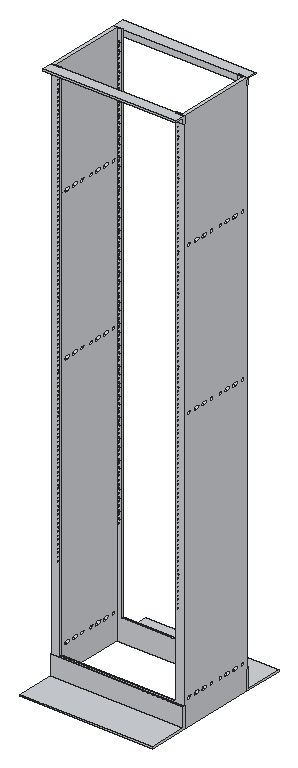
Revit family
Parameters
  Material ID = "760090159"
  Description = "12 IN (305 MM) CHANNEL x 7 FT (2135 MM) H - 19 IN (482.6 MM) STEEL EQUIPMENT RACK (45U) 3/8 SQ PUNCH, BLACK"
Reference planes (in)
  plane 1 "Center (Front/Back)": y = 0
  plane 2: z = 0
  plane 3 "Center (Left/Right)": x = 0
Forms (in)
  Extrusion 1, solid, not visible
    sketch origin (0, -14.305, 0) x (1, 0, 0) y (0, 0, 1)
      loop
        line (-8.5516, 0.86) -> (-8.5516, 0.46) -> (-7.9516, 0.46) -> (-7.9516, 0.86) -> (-8.5516, 0.86)
    from 0 to 0.77696
  Extrusion 2, solid
    sketch origin (0, 0, 0) x (1, 0, 0) y (0, 0, 1)
      loop
        line (-10.155, 30) -> (-10.155, -54) -> (10.155, -54) -> (10.155, 30) -> (0, 30) -> (-10.155, 30)
    from 0 to 36
  Extrusion 3, void
    sketch origin (0, 0, 0) x (1, 0, 0) y (0, 0, 1)
      loop
        line (-8.905, 40.855) -> (-8.905, -50.62) -> (8.905, -50.62) -> (8.905, 40.855) -> (-8.905, 40.855)
    from 0 to 36
  Extrusion 4, void
    sketch origin (0, 0, 0) x (0, 1, 0) y (0, 0, 1)
      loop
        line (-12, 44.92) -> (-38, 44.92) -> (-38, -58.24657) -> (-12, -58.24657) -> (-12, 44.92)
    from -31.70377 to 25
  Extrusion 5, void
    sketch origin (0, 0, 0) x (0, 1, 0) y (0, 0, 1)
      loop
        line (-0.2, 59.72052) -> (-11.8, 59.72052) -> (-11.8, -66.46573) -> (-0.2, -66.46573) -> (-0.2, 59.72052)
    from -9.61605 to 9.71756
  Extrusion 6, solid
    sketch origin (0, 0, -24) x (0, 1, 0) y (0, 0, 1)
      loop
        line (-12, -30) -> (-12, -26.8) -> (-12.2, -26.8) -> (-12.2, -29.8) -> (-18, -29.8) -> (-18, -30) -> (-12, -30)
      loop
        line (-12, 54) -> (-13.575, 54) -> (-13.575, 53.8) -> (-12.2, 53.8) -> (-12.2, 52.94396) -> (-12, 52.94396) -> (-12, 54)
      loop
        line (0, 54) -> (0, 52.94396) -> (0.2, 52.94396) -> (0.2, 53.8) -> (1.575, 53.8) -> (1.575, 54) -> (0, 54)
      loop
        line (0, -30) -> (6, -30) -> (6, -29.8) -> (0.2, -29.8) -> (0.2, -26.8) -> (0, -26.8) -> (0, -30)
    from -10.155 to 10.155
  Extrusion 7, void
    sketch origin (0, 0, 0) x (0, 1, 0) y (0, 0, 1)
      loop
        circle (-6.8705, -50) r 0.335
      loop
        arc (-7.9429, -50.335) -> (-7.6079, -50) -> (-7.9429, -49.665) r 0.335
        line (-7.9429, -49.665) -> (-8.4429, -49.665)
        arc (-8.4429, -49.665) -> (-8.7779, -50) -> (-8.4429, -50.335) r 0.335
        line (-8.4429, -50.335) -> (-7.9429, -50.335)
      loop
        arc (-9.4429, -50.335) -> (-9.1079, -50) -> (-9.4429, -49.665) r 0.335
        line (-9.4429, -49.665) -> (-9.9429, -49.665)
        arc (-9.9429, -49.665) -> (-10.2779, -50) -> (-9.9429, -50.335) r 0.335
        line (-9.9429, -50.335) -> (-9.4429, -50.335)
      loop
        circle (-11.13, -50) r 0.335
      loop
        circle (-5.1295, -50) r 0.335
      loop
        line (-4.0571, -50.335) -> (-3.5571, -50.335)
        arc (-3.5571, -50.335) -> (-3.2221, -50) -> (-3.5571, -49.665) r 0.335
        line (-3.5571, -49.665) -> (-4.0571, -49.665)
        arc (-4.0571, -49.665) -> (-4.3921, -50) -> (-4.0571, -50.335) r 0.335
      loop
        line (-2.5571, -50.335) -> (-2.0571, -50.335)
        arc (-2.0571, -50.335) -> (-1.7221, -50) -> (-2.0571, -49.665) r 0.335
        line (-2.0571, -49.665) -> (-2.5571, -49.665)
        arc (-2.5571, -49.665) -> (-2.8921, -50) -> (-2.5571, -50.335) r 0.335
      loop
        circle (-0.87, -50) r 0.335
      loop
        circle (-6.8705, -11) r 0.335
      loop
        arc (-7.9429, -11.335) -> (-7.6079, -11) -> (-7.9429, -10.665) r 0.335
        line (-7.9429, -10.665) -> (-8.4429, -10.665)
        arc (-8.4429, -10.665) -> (-8.7779, -11) -> (-8.4429, -11.335) r 0.335
        line (-8.4429, -11.335) -> (-7.9429, -11.335)
      loop
        arc (-9.4429, -11.335) -> (-9.1079, -11) -> (-9.4429, -10.665) r 0.335
        line (-9.4429, -10.665) -> (-9.9429, -10.665)
        arc (-9.9429, -10.665) -> (-10.2779, -11) -> (-9.9429, -11.335) r 0.335
        line (-9.9429, -11.335) -> (-9.4429, -11.335)
      loop
        circle (-11.13, -11) r 0.335
      loop
        circle (-5.1295, -11) r 0.335
      loop
        line (-4.0571, -11.335) -> (-3.5571, -11.335)
        arc (-3.5571, -11.335) -> (-3.2221, -11) -> (-3.5571, -10.665) r 0.335
        line (-3.5571, -10.665) -> (-4.0571, -10.665)
        arc (-4.0571, -10.665) -> (-4.3921, -11) -> (-4.0571, -11.335) r 0.335
      loop
        line (-2.5571, -11.335) -> (-2.0571, -11.335)
        arc (-2.0571, -11.335) -> (-1.7221, -11) -> (-2.0571, -10.665) r 0.335
        line (-2.0571, -10.665) -> (-2.5571, -10.665)
        arc (-2.5571, -10.665) -> (-2.8921, -11) -> (-2.5571, -11.335) r 0.335
      loop
        circle (-0.87, -11) r 0.335
      loop
        circle (-6.8705, 12) r 0.335
      loop
        arc (-7.9429, 11.665) -> (-7.6079, 12) -> (-7.9429, 12.335) r 0.335
        line (-7.9429, 12.335) -> (-8.4429, 12.335)
        arc (-8.4429, 12.335) -> (-8.7779, 12) -> (-8.4429, 11.665) r 0.335
        line (-8.4429, 11.665) -> (-7.9429, 11.665)
      loop
        arc (-9.4429, 11.665) -> (-9.1079, 12) -> (-9.4429, 12.335) r 0.335
        line (-9.4429, 12.335) -> (-9.9429, 12.335)
        arc (-9.9429, 12.335) -> (-10.2779, 12) -> (-9.9429, 11.665) r 0.335
        line (-9.9429, 11.665) -> (-9.4429, 11.665)
      loop
        circle (-11.13, 12) r 0.335
      loop
        circle (-5.1295, 12) r 0.335
      loop
        line (-4.0571, 11.665) -> (-3.5571, 11.665)
        arc (-3.5571, 11.665) -> (-3.2221, 12) -> (-3.5571, 12.335) r 0.335
        line (-3.5571, 12.335) -> (-4.0571, 12.335)
        arc (-4.0571, 12.335) -> (-4.3921, 12) -> (-4.0571, 11.665) r 0.335
      loop
        line (-2.5571, 11.665) -> (-2.0571, 11.665)
        arc (-2.0571, 11.665) -> (-1.7221, 12) -> (-2.0571, 12.335) r 0.335
        line (-2.0571, 12.335) -> (-2.5571, 12.335)
        arc (-2.5571, 12.335) -> (-2.8921, 12) -> (-2.5571, 11.665) r 0.335
      loop
        circle (-0.87, 12) r 0.335
    from -24.88707 to 25.18322
  Extrusion 8, void
    sketch origin (0, 0, -36.75) x (1, 0, 0) y (0, 0, 1)
      loop
        line (-9.175, 65.0575) -> (-9.264, 65.0575) -> (-9.264, 64.9685) -> (-9.264, 64.8795) -> (-9.175, 64.8795) -> (-9.086, 64.8795) -> (-9.086, 65.0575) -> (-9.175, 65.0575)
      loop
        line (-9.175, 64.4325) -> (-9.264, 64.4325) -> (-9.264, 64.3435) -> (-9.264, 64.2545) -> (-9.175, 64.2545) -> (-9.086, 64.2545) -> (-9.086, 64.4325) -> (-9.175, 64.4325)
      loop
        line (-9.175, 63.8075) -> (-9.264, 63.8075) -> (-9.264, 63.7185) -> (-9.264, 63.6295) -> (-9.175, 63.6295) -> (-9.086, 63.6295) -> (-9.086, 63.8075) -> (-9.175, 63.8075)
      loop
        line (9.175, 65.0575) -> (9.086, 65.0575) -> (9.086, 64.8795) -> (9.175, 64.8795) -> (9.264, 64.8795) -> (9.264, 64.9685) -> (9.264, 65.0575) -> (9.175, 65.0575)
      loop
        line (9.175, 64.4325) -> (9.086, 64.4325) -> (9.086, 64.2545) -> (9.175, 64.2545) -> (9.264, 64.2545) -> (9.264, 64.3435) -> (9.264, 64.4325) -> (9.175, 64.4325)
      loop
        line (9.175, 63.8075) -> (9.086, 63.8075) -> (9.086, 63.6295) -> (9.175, 63.6295) -> (9.264, 63.6295) -> (9.264, 63.7185) -> (9.264, 63.8075) -> (9.175, 63.8075)
    from 0 to 36
  Extrusion 9, void
    sketch origin (0, 0, -38.5) x (1, 0, 0) y (0, 0, 1)
      loop
        line (-9.175, 65.0575) -> (-9.264, 65.0575) -> (-9.264, 64.9685) -> (-9.264, 64.8795) -> (-9.175, 64.8795) -> (-9.086, 64.8795) -> (-9.086, 65.0575) -> (-9.175, 65.0575)
      loop
        line (-9.175, 64.4325) -> (-9.264, 64.4325) -> (-9.264, 64.3435) -> (-9.264, 64.2545) -> (-9.175, 64.2545) -> (-9.086, 64.2545) -> (-9.086, 64.4325) -> (-9.175, 64.4325)
      loop
        line (-9.175, 63.8075) -> (-9.264, 63.8075) -> (-9.264, 63.7185) -> (-9.264, 63.6295) -> (-9.175, 63.6295) -> (-9.086, 63.6295) -> (-9.086, 63.8075) -> (-9.175, 63.8075)
      loop
        line (9.175, 65.0575) -> (9.086, 65.0575) -> (9.086, 64.8795) -> (9.175, 64.8795) -> (9.264, 64.8795) -> (9.264, 64.9685) -> (9.264, 65.0575) -> (9.175, 65.0575)
      loop
        line (9.175, 64.4325) -> (9.086, 64.4325) -> (9.086, 64.2545) -> (9.175, 64.2545) -> (9.264, 64.2545) -> (9.264, 64.3435) -> (9.264, 64.4325) -> (9.175, 64.4325)
      loop
        line (9.175, 63.8075) -> (9.086, 63.8075) -> (9.086, 63.6295) -> (9.175, 63.6295) -> (9.264, 63.6295) -> (9.264, 63.7185) -> (9.264, 63.8075) -> (9.175, 63.8075)
    from 0 to 36
  Extrusion 10, void
    sketch origin (0, 0, -40.25) x (1, 0, 0) y (0, 0, 1)
      loop
        line (-9.175, 65.0575) -> (-9.264, 65.0575) -> (-9.264, 64.9685) -> (-9.264, 64.8795) -> (-9.175, 64.8795) -> (-9.086, 64.8795) -> (-9.086, 65.0575) -> (-9.175, 65.0575)
      loop
        line (-9.175, 64.4325) -> (-9.264, 64.4325) -> (-9.264, 64.3435) -> (-9.264, 64.2545) -> (-9.175, 64.2545) -> (-9.086, 64.2545) -> (-9.086, 64.4325) -> (-9.175, 64.4325)
      loop
        line (-9.175, 63.8075) -> (-9.264, 63.8075) -> (-9.264, 63.7185) -> (-9.264, 63.6295) -> (-9.175, 63.6295) -> (-9.086, 63.6295) -> (-9.086, 63.8075) -> (-9.175, 63.8075)
      loop
        line (9.175, 65.0575) -> (9.086, 65.0575) -> (9.086, 64.8795) -> (9.175, 64.8795) -> (9.264, 64.8795) -> (9.264, 64.9685) -> (9.264, 65.0575) -> (9.175, 65.0575)
      loop
        line (9.175, 64.4325) -> (9.086, 64.4325) -> (9.086, 64.2545) -> (9.175, 64.2545) -> (9.264, 64.2545) -> (9.264, 64.3435) -> (9.264, 64.4325) -> (9.175, 64.4325)
      loop
        line (9.175, 63.8075) -> (9.086, 63.8075) -> (9.086, 63.6295) -> (9.175, 63.6295) -> (9.264, 63.6295) -> (9.264, 63.7185) -> (9.264, 63.8075) -> (9.175, 63.8075)
    from 0 to 36
  Extrusion 11, void
    sketch origin (0, 0, -42) x (1, 0, 0) y (0, 0, 1)
      loop
        line (-9.175, 65.0575) -> (-9.264, 65.0575) -> (-9.264, 64.9685) -> (-9.264, 64.8795) -> (-9.175, 64.8795) -> (-9.086, 64.8795) -> (-9.086, 65.0575) -> (-9.175, 65.0575)
      loop
        line (-9.175, 64.4325) -> (-9.264, 64.4325) -> (-9.264, 64.3435) -> (-9.264, 64.2545) -> (-9.175, 64.2545) -> (-9.086, 64.2545) -> (-9.086, 64.4325) -> (-9.175, 64.4325)
      loop
        line (-9.175, 63.8075) -> (-9.264, 63.8075) -> (-9.264, 63.7185) -> (-9.264, 63.6295) -> (-9.175, 63.6295) -> (-9.086, 63.6295) -> (-9.086, 63.8075) -> (-9.175, 63.8075)
      loop
        line (9.175, 65.0575) -> (9.086, 65.0575) -> (9.086, 64.8795) -> (9.175, 64.8795) -> (9.264, 64.8795) -> (9.264, 64.9685) -> (9.264, 65.0575) -> (9.175, 65.0575)
      loop
        line (9.175, 64.4325) -> (9.086, 64.4325) -> (9.086, 64.2545) -> (9.175, 64.2545) -> (9.264, 64.2545) -> (9.264, 64.3435) -> (9.264, 64.4325) -> (9.175, 64.4325)
      loop
        line (9.175, 63.8075) -> (9.086, 63.8075) -> (9.086, 63.6295) -> (9.175, 63.6295) -> (9.264, 63.6295) -> (9.264, 63.7185) -> (9.264, 63.8075) -> (9.175, 63.8075)
    from 0 to 36
  Extrusion 12, void
    sketch origin (0, 0, -43.75) x (1, 0, 0) y (0, 0, 1)
      loop
        line (-9.175, 65.0575) -> (-9.264, 65.0575) -> (-9.264, 64.9685) -> (-9.264, 64.8795) -> (-9.175, 64.8795) -> (-9.086, 64.8795) -> (-9.086, 65.0575) -> (-9.175, 65.0575)
      loop
        line (-9.175, 64.4325) -> (-9.264, 64.4325) -> (-9.264, 64.3435) -> (-9.264, 64.2545) -> (-9.175, 64.2545) -> (-9.086, 64.2545) -> (-9.086, 64.4325) -> (-9.175, 64.4325)
      loop
        line (-9.175, 63.8075) -> (-9.264, 63.8075) -> (-9.264, 63.7185) -> (-9.264, 63.6295) -> (-9.175, 63.6295) -> (-9.086, 63.6295) -> (-9.086, 63.8075) -> (-9.175, 63.8075)
      loop
        line (9.175, 65.0575) -> (9.086, 65.0575) -> (9.086, 64.8795) -> (9.175, 64.8795) -> (9.264, 64.8795) -> (9.264, 64.9685) -> (9.264, 65.0575) -> (9.175, 65.0575)
      loop
        line (9.175, 64.4325) -> (9.086, 64.4325) -> (9.086, 64.2545) -> (9.175, 64.2545) -> (9.264, 64.2545) -> (9.264, 64.3435) -> (9.264, 64.4325) -> (9.175, 64.4325)
      loop
        line (9.175, 63.8075) -> (9.086, 63.8075) -> (9.086, 63.6295) -> (9.175, 63.6295) -> (9.264, 63.6295) -> (9.264, 63.7185) -> (9.264, 63.8075) -> (9.175, 63.8075)
    from 0 to 36
  Extrusion 13, void
    sketch origin (0, 0, -45.5) x (1, 0, 0) y (0, 0, 1)
      loop
        line (-9.175, 65.0575) -> (-9.264, 65.0575) -> (-9.264, 64.9685) -> (-9.264, 64.8795) -> (-9.175, 64.8795) -> (-9.086, 64.8795) -> (-9.086, 65.0575) -> (-9.175, 65.0575)
      loop
        line (-9.175, 64.4325) -> (-9.264, 64.4325) -> (-9.264, 64.3435) -> (-9.264, 64.2545) -> (-9.175, 64.2545) -> (-9.086, 64.2545) -> (-9.086, 64.4325) -> (-9.175, 64.4325)
      loop
        line (-9.175, 63.8075) -> (-9.264, 63.8075) -> (-9.264, 63.7185) -> (-9.264, 63.6295) -> (-9.175, 63.6295) -> (-9.086, 63.6295) -> (-9.086, 63.8075) -> (-9.175, 63.8075)
      loop
        line (9.175, 65.0575) -> (9.086, 65.0575) -> (9.086, 64.8795) -> (9.175, 64.8795) -> (9.264, 64.8795) -> (9.264, 64.9685) -> (9.264, 65.0575) -> (9.175, 65.0575)
      loop
        line (9.175, 64.4325) -> (9.086, 64.4325) -> (9.086, 64.2545) -> (9.175, 64.2545) -> (9.264, 64.2545) -> (9.264, 64.3435) -> (9.264, 64.4325) -> (9.175, 64.4325)
      loop
        line (9.175, 63.8075) -> (9.086, 63.8075) -> (9.086, 63.6295) -> (9.175, 63.6295) -> (9.264, 63.6295) -> (9.264, 63.7185) -> (9.264, 63.8075) -> (9.175, 63.8075)
    from 0 to 36
  Extrusion 14, void
    sketch origin (0, 0, -47.25) x (1, 0, 0) y (0, 0, 1)
      loop
        line (-9.175, 65.0575) -> (-9.264, 65.0575) -> (-9.264, 64.9685) -> (-9.264, 64.8795) -> (-9.175, 64.8795) -> (-9.086, 64.8795) -> (-9.086, 65.0575) -> (-9.175, 65.0575)
      loop
        line (-9.175, 64.4325) -> (-9.264, 64.4325) -> (-9.264, 64.3435) -> (-9.264, 64.2545) -> (-9.175, 64.2545) -> (-9.086, 64.2545) -> (-9.086, 64.4325) -> (-9.175, 64.4325)
      loop
        line (-9.175, 63.8075) -> (-9.264, 63.8075) -> (-9.264, 63.7185) -> (-9.264, 63.6295) -> (-9.175, 63.6295) -> (-9.086, 63.6295) -> (-9.086, 63.8075) -> (-9.175, 63.8075)
      loop
        line (9.175, 65.0575) -> (9.086, 65.0575) -> (9.086, 64.8795) -> (9.175, 64.8795) -> (9.264, 64.8795) -> (9.264, 64.9685) -> (9.264, 65.0575) -> (9.175, 65.0575)
      loop
        line (9.175, 64.4325) -> (9.086, 64.4325) -> (9.086, 64.2545) -> (9.175, 64.2545) -> (9.264, 64.2545) -> (9.264, 64.3435) -> (9.264, 64.4325) -> (9.175, 64.4325)
      loop
        line (9.175, 63.8075) -> (9.086, 63.8075) -> (9.086, 63.6295) -> (9.175, 63.6295) -> (9.264, 63.6295) -> (9.264, 63.7185) -> (9.264, 63.8075) -> (9.175, 63.8075)
    from 0 to 36
  Extrusion 15, void
    sketch origin (0, 0, -49) x (1, 0, 0) y (0, 0, 1)
      loop
        line (-9.175, 65.0575) -> (-9.264, 65.0575) -> (-9.264, 64.9685) -> (-9.264, 64.8795) -> (-9.175, 64.8795) -> (-9.086, 64.8795) -> (-9.086, 65.0575) -> (-9.175, 65.0575)
      loop
        line (-9.175, 64.4325) -> (-9.264, 64.4325) -> (-9.264, 64.3435) -> (-9.264, 64.2545) -> (-9.175, 64.2545) -> (-9.086, 64.2545) -> (-9.086, 64.4325) -> (-9.175, 64.4325)
      loop
        line (-9.175, 63.8075) -> (-9.264, 63.8075) -> (-9.264, 63.7185) -> (-9.264, 63.6295) -> (-9.175, 63.6295) -> (-9.086, 63.6295) -> (-9.086, 63.8075) -> (-9.175, 63.8075)
      loop
        line (9.175, 65.0575) -> (9.086, 65.0575) -> (9.086, 64.8795) -> (9.175, 64.8795) -> (9.264, 64.8795) -> (9.264, 64.9685) -> (9.264, 65.0575) -> (9.175, 65.0575)
      loop
        line (9.175, 64.4325) -> (9.086, 64.4325) -> (9.086, 64.2545) -> (9.175, 64.2545) -> (9.264, 64.2545) -> (9.264, 64.3435) -> (9.264, 64.4325) -> (9.175, 64.4325)
      loop
        line (9.175, 63.8075) -> (9.086, 63.8075) -> (9.086, 63.6295) -> (9.175, 63.6295) -> (9.264, 63.6295) -> (9.264, 63.7185) -> (9.264, 63.8075) -> (9.175, 63.8075)
    from 0 to 36
  Extrusion 16, void
    sketch origin (0, 0, -50.75) x (1, 0, 0) y (0, 0, 1)
      loop
        line (-9.175, 65.0575) -> (-9.264, 65.0575) -> (-9.264, 64.9685) -> (-9.264, 64.8795) -> (-9.175, 64.8795) -> (-9.086, 64.8795) -> (-9.086, 65.0575) -> (-9.175, 65.0575)
      loop
        line (-9.175, 64.4325) -> (-9.264, 64.4325) -> (-9.264, 64.3435) -> (-9.264, 64.2545) -> (-9.175, 64.2545) -> (-9.086, 64.2545) -> (-9.086, 64.4325) -> (-9.175, 64.4325)
      loop
        line (-9.175, 63.8075) -> (-9.264, 63.8075) -> (-9.264, 63.7185) -> (-9.264, 63.6295) -> (-9.175, 63.6295) -> (-9.086, 63.6295) -> (-9.086, 63.8075) -> (-9.175, 63.8075)
      loop
        line (9.175, 65.0575) -> (9.086, 65.0575) -> (9.086, 64.8795) -> (9.175, 64.8795) -> (9.264, 64.8795) -> (9.264, 64.9685) -> (9.264, 65.0575) -> (9.175, 65.0575)
      loop
        line (9.175, 64.4325) -> (9.086, 64.4325) -> (9.086, 64.2545) -> (9.175, 64.2545) -> (9.264, 64.2545) -> (9.264, 64.3435) -> (9.264, 64.4325) -> (9.175, 64.4325)
      loop
        line (9.175, 63.8075) -> (9.086, 63.8075) -> (9.086, 63.6295) -> (9.175, 63.6295) -> (9.264, 63.6295) -> (9.264, 63.7185) -> (9.264, 63.8075) -> (9.175, 63.8075)
    from 0 to 36
  Extrusion 17, void
    sketch origin (0, 0, -52.5) x (1, 0, 0) y (0, 0, 1)
      loop
        line (-9.175, 65.0575) -> (-9.264, 65.0575) -> (-9.264, 64.9685) -> (-9.264, 64.8795) -> (-9.175, 64.8795) -> (-9.086, 64.8795) -> (-9.086, 65.0575) -> (-9.175, 65.0575)
      loop
        line (-9.175, 64.4325) -> (-9.264, 64.4325) -> (-9.264, 64.3435) -> (-9.264, 64.2545) -> (-9.175, 64.2545) -> (-9.086, 64.2545) -> (-9.086, 64.4325) -> (-9.175, 64.4325)
      loop
        line (-9.175, 63.8075) -> (-9.264, 63.8075) -> (-9.264, 63.7185) -> (-9.264, 63.6295) -> (-9.175, 63.6295) -> (-9.086, 63.6295) -> (-9.086, 63.8075) -> (-9.175, 63.8075)
      loop
        line (9.175, 65.0575) -> (9.086, 65.0575) -> (9.086, 64.8795) -> (9.175, 64.8795) -> (9.264, 64.8795) -> (9.264, 64.9685) -> (9.264, 65.0575) -> (9.175, 65.0575)
      loop
        line (9.175, 64.4325) -> (9.086, 64.4325) -> (9.086, 64.2545) -> (9.175, 64.2545) -> (9.264, 64.2545) -> (9.264, 64.3435) -> (9.264, 64.4325) -> (9.175, 64.4325)
      loop
        line (9.175, 63.8075) -> (9.086, 63.8075) -> (9.086, 63.6295) -> (9.175, 63.6295) -> (9.264, 63.6295) -> (9.264, 63.7185) -> (9.264, 63.8075) -> (9.175, 63.8075)
    from 0 to 36
  Extrusion 18, void
    sketch origin (0, 0, -54.25) x (1, 0, 0) y (0, 0, 1)
      loop
        line (-9.175, 65.0575) -> (-9.264, 65.0575) -> (-9.264, 64.9685) -> (-9.264, 64.8795) -> (-9.175, 64.8795) -> (-9.086, 64.8795) -> (-9.086, 65.0575) -> (-9.175, 65.0575)
      loop
        line (-9.175, 64.4325) -> (-9.264, 64.4325) -> (-9.264, 64.3435) -> (-9.264, 64.2545) -> (-9.175, 64.2545) -> (-9.086, 64.2545) -> (-9.086, 64.4325) -> (-9.175, 64.4325)
      loop
        line (-9.175, 63.8075) -> (-9.264, 63.8075) -> (-9.264, 63.7185) -> (-9.264, 63.6295) -> (-9.175, 63.6295) -> (-9.086, 63.6295) -> (-9.086, 63.8075) -> (-9.175, 63.8075)
      loop
        line (9.175, 65.0575) -> (9.086, 65.0575) -> (9.086, 64.8795) -> (9.175, 64.8795) -> (9.264, 64.8795) -> (9.264, 64.9685) -> (9.264, 65.0575) -> (9.175, 65.0575)
      loop
        line (9.175, 64.4325) -> (9.086, 64.4325) -> (9.086, 64.2545) -> (9.175, 64.2545) -> (9.264, 64.2545) -> (9.264, 64.3435) -> (9.264, 64.4325) -> (9.175, 64.4325)
      loop
        line (9.175, 63.8075) -> (9.086, 63.8075) -> (9.086, 63.6295) -> (9.175, 63.6295) -> (9.264, 63.6295) -> (9.264, 63.7185) -> (9.264, 63.8075) -> (9.175, 63.8075)
    from 0 to 36
  Extrusion 19, void
    sketch origin (0, 0, -56) x (1, 0, 0) y (0, 0, 1)
      loop
        line (-9.175, 65.0575) -> (-9.264, 65.0575) -> (-9.264, 64.9685) -> (-9.264, 64.8795) -> (-9.175, 64.8795) -> (-9.086, 64.8795) -> (-9.086, 65.0575) -> (-9.175, 65.0575)
      loop
        line (-9.175, 64.4325) -> (-9.264, 64.4325) -> (-9.264, 64.3435) -> (-9.264, 64.2545) -> (-9.175, 64.2545) -> (-9.086, 64.2545) -> (-9.086, 64.4325) -> (-9.175, 64.4325)
      loop
        line (-9.175, 63.8075) -> (-9.264, 63.8075) -> (-9.264, 63.7185) -> (-9.264, 63.6295) -> (-9.175, 63.6295) -> (-9.086, 63.6295) -> (-9.086, 63.8075) -> (-9.175, 63.8075)
      loop
        line (9.175, 65.0575) -> (9.086, 65.0575) -> (9.086, 64.8795) -> (9.175, 64.8795) -> (9.264, 64.8795) -> (9.264, 64.9685) -> (9.264, 65.0575) -> (9.175, 65.0575)
      loop
        line (9.175, 64.4325) -> (9.086, 64.4325) -> (9.086, 64.2545) -> (9.175, 64.2545) -> (9.264, 64.2545) -> (9.264, 64.3435) -> (9.264, 64.4325) -> (9.175, 64.4325)
      loop
        line (9.175, 63.8075) -> (9.086, 63.8075) -> (9.086, 63.6295) -> (9.175, 63.6295) -> (9.264, 63.6295) -> (9.264, 63.7185) -> (9.264, 63.8075) -> (9.175, 63.8075)
    from 0 to 36
  Extrusion 20, void
    sketch origin (0, 0, -57.75) x (1, 0, 0) y (0, 0, 1)
      loop
        line (-9.175, 65.0575) -> (-9.264, 65.0575) -> (-9.264, 64.9685) -> (-9.264, 64.8795) -> (-9.175, 64.8795) -> (-9.086, 64.8795) -> (-9.086, 65.0575) -> (-9.175, 65.0575)
      loop
        line (-9.175, 64.4325) -> (-9.264, 64.4325) -> (-9.264, 64.3435) -> (-9.264, 64.2545) -> (-9.175, 64.2545) -> (-9.086, 64.2545) -> (-9.086, 64.4325) -> (-9.175, 64.4325)
      loop
        line (-9.175, 63.8075) -> (-9.264, 63.8075) -> (-9.264, 63.7185) -> (-9.264, 63.6295) -> (-9.175, 63.6295) -> (-9.086, 63.6295) -> (-9.086, 63.8075) -> (-9.175, 63.8075)
      loop
        line (9.175, 65.0575) -> (9.086, 65.0575) -> (9.086, 64.8795) -> (9.175, 64.8795) -> (9.264, 64.8795) -> (9.264, 64.9685) -> (9.264, 65.0575) -> (9.175, 65.0575)
      loop
        line (9.175, 64.4325) -> (9.086, 64.4325) -> (9.086, 64.2545) -> (9.175, 64.2545) -> (9.264, 64.2545) -> (9.264, 64.3435) -> (9.264, 64.4325) -> (9.175, 64.4325)
      loop
        line (9.175, 63.8075) -> (9.086, 63.8075) -> (9.086, 63.6295) -> (9.175, 63.6295) -> (9.264, 63.6295) -> (9.264, 63.7185) -> (9.264, 63.8075) -> (9.175, 63.8075)
    from 0 to 36
  Extrusion 21, void
    sketch origin (0, 0, -59.5) x (1, 0, 0) y (0, 0, 1)
      loop
        line (-9.175, 65.0575) -> (-9.264, 65.0575) -> (-9.264, 64.9685) -> (-9.264, 64.8795) -> (-9.175, 64.8795) -> (-9.086, 64.8795) -> (-9.086, 65.0575) -> (-9.175, 65.0575)
      loop
        line (-9.175, 64.4325) -> (-9.264, 64.4325) -> (-9.264, 64.3435) -> (-9.264, 64.2545) -> (-9.175, 64.2545) -> (-9.086, 64.2545) -> (-9.086, 64.4325) -> (-9.175, 64.4325)
      loop
        line (-9.175, 63.8075) -> (-9.264, 63.8075) -> (-9.264, 63.7185) -> (-9.264, 63.6295) -> (-9.175, 63.6295) -> (-9.086, 63.6295) -> (-9.086, 63.8075) -> (-9.175, 63.8075)
      loop
        line (9.175, 65.0575) -> (9.086, 65.0575) -> (9.086, 64.8795) -> (9.175, 64.8795) -> (9.264, 64.8795) -> (9.264, 64.9685) -> (9.264, 65.0575) -> (9.175, 65.0575)
      loop
        line (9.175, 64.4325) -> (9.086, 64.4325) -> (9.086, 64.2545) -> (9.175, 64.2545) -> (9.264, 64.2545) -> (9.264, 64.3435) -> (9.264, 64.4325) -> (9.175, 64.4325)
      loop
        line (9.175, 63.8075) -> (9.086, 63.8075) -> (9.086, 63.6295) -> (9.175, 63.6295) -> (9.264, 63.6295) -> (9.264, 63.7185) -> (9.264, 63.8075) -> (9.175, 63.8075)
    from 0 to 36
  Extrusion 22, void
    sketch origin (0, 0, -61.25) x (1, 0, 0) y (0, 0, 1)
      loop
        line (-9.175, 65.0575) -> (-9.264, 65.0575) -> (-9.264, 64.9685) -> (-9.264, 64.8795) -> (-9.175, 64.8795) -> (-9.086, 64.8795) -> (-9.086, 65.0575) -> (-9.175, 65.0575)
      loop
        line (-9.175, 64.4325) -> (-9.264, 64.4325) -> (-9.264, 64.3435) -> (-9.264, 64.2545) -> (-9.175, 64.2545) -> (-9.086, 64.2545) -> (-9.086, 64.4325) -> (-9.175, 64.4325)
      loop
        line (-9.175, 63.8075) -> (-9.264, 63.8075) -> (-9.264, 63.7185) -> (-9.264, 63.6295) -> (-9.175, 63.6295) -> (-9.086, 63.6295) -> (-9.086, 63.8075) -> (-9.175, 63.8075)
      loop
        line (9.175, 65.0575) -> (9.086, 65.0575) -> (9.086, 64.8795) -> (9.175, 64.8795) -> (9.264, 64.8795) -> (9.264, 64.9685) -> (9.264, 65.0575) -> (9.175, 65.0575)
      loop
        line (9.175, 64.4325) -> (9.086, 64.4325) -> (9.086, 64.2545) -> (9.175, 64.2545) -> (9.264, 64.2545) -> (9.264, 64.3435) -> (9.264, 64.4325) -> (9.175, 64.4325)
      loop
        line (9.175, 63.8075) -> (9.086, 63.8075) -> (9.086, 63.6295) -> (9.175, 63.6295) -> (9.264, 63.6295) -> (9.264, 63.7185) -> (9.264, 63.8075) -> (9.175, 63.8075)
    from 0 to 36
  Extrusion 23, void
    sketch origin (0, 0, -63) x (1, 0, 0) y (0, 0, 1)
      loop
        line (-9.175, 65.0575) -> (-9.264, 65.0575) -> (-9.264, 64.9685) -> (-9.264, 64.8795) -> (-9.175, 64.8795) -> (-9.086, 64.8795) -> (-9.086, 65.0575) -> (-9.175, 65.0575)
      loop
        line (-9.175, 64.4325) -> (-9.264, 64.4325) -> (-9.264, 64.3435) -> (-9.264, 64.2545) -> (-9.175, 64.2545) -> (-9.086, 64.2545) -> (-9.086, 64.4325) -> (-9.175, 64.4325)
      loop
        line (-9.175, 63.8075) -> (-9.264, 63.8075) -> (-9.264, 63.7185) -> (-9.264, 63.6295) -> (-9.175, 63.6295) -> (-9.086, 63.6295) -> (-9.086, 63.8075) -> (-9.175, 63.8075)
      loop
        line (9.175, 65.0575) -> (9.086, 65.0575) -> (9.086, 64.8795) -> (9.175, 64.8795) -> (9.264, 64.8795) -> (9.264, 64.9685) -> (9.264, 65.0575) -> (9.175, 65.0575)
      loop
        line (9.175, 64.4325) -> (9.086, 64.4325) -> (9.086, 64.2545) -> (9.175, 64.2545) -> (9.264, 64.2545) -> (9.264, 64.3435) -> (9.264, 64.4325) -> (9.175, 64.4325)
      loop
        line (9.175, 63.8075) -> (9.086, 63.8075) -> (9.086, 63.6295) -> (9.175, 63.6295) -> (9.264, 63.6295) -> (9.264, 63.7185) -> (9.264, 63.8075) -> (9.175, 63.8075)
    from 0 to 36
  Extrusion 24, void
    sketch origin (0, 0, -64.75) x (1, 0, 0) y (0, 0, 1)
      loop
        line (-9.175, 65.0575) -> (-9.264, 65.0575) -> (-9.264, 64.9685) -> (-9.264, 64.8795) -> (-9.175, 64.8795) -> (-9.086, 64.8795) -> (-9.086, 65.0575) -> (-9.175, 65.0575)
      loop
        line (-9.175, 64.4325) -> (-9.264, 64.4325) -> (-9.264, 64.3435) -> (-9.264, 64.2545) -> (-9.175, 64.2545) -> (-9.086, 64.2545) -> (-9.086, 64.4325) -> (-9.175, 64.4325)
      loop
        line (-9.175, 63.8075) -> (-9.264, 63.8075) -> (-9.264, 63.7185) -> (-9.264, 63.6295) -> (-9.175, 63.6295) -> (-9.086, 63.6295) -> (-9.086, 63.8075) -> (-9.175, 63.8075)
      loop
        line (9.175, 65.0575) -> (9.086, 65.0575) -> (9.086, 64.8795) -> (9.175, 64.8795) -> (9.264, 64.8795) -> (9.264, 64.9685) -> (9.264, 65.0575) -> (9.175, 65.0575)
      loop
        line (9.175, 64.4325) -> (9.086, 64.4325) -> (9.086, 64.2545) -> (9.175, 64.2545) -> (9.264, 64.2545) -> (9.264, 64.3435) -> (9.264, 64.4325) -> (9.175, 64.4325)
      loop
        line (9.175, 63.8075) -> (9.086, 63.8075) -> (9.086, 63.6295) -> (9.175, 63.6295) -> (9.264, 63.6295) -> (9.264, 63.7185) -> (9.264, 63.8075) -> (9.175, 63.8075)
    from 0 to 36
  Extrusion 25, void
    sketch origin (0, 0, -66.5) x (1, 0, 0) y (0, 0, 1)
      loop
        line (-9.175, 65.0575) -> (-9.264, 65.0575) -> (-9.264, 64.9685) -> (-9.264, 64.8795) -> (-9.175, 64.8795) -> (-9.086, 64.8795) -> (-9.086, 65.0575) -> (-9.175, 65.0575)
      loop
        line (-9.175, 64.4325) -> (-9.264, 64.4325) -> (-9.264, 64.3435) -> (-9.264, 64.2545) -> (-9.175, 64.2545) -> (-9.086, 64.2545) -> (-9.086, 64.4325) -> (-9.175, 64.4325)
      loop
        line (-9.175, 63.8075) -> (-9.264, 63.8075) -> (-9.264, 63.7185) -> (-9.264, 63.6295) -> (-9.175, 63.6295) -> (-9.086, 63.6295) -> (-9.086, 63.8075) -> (-9.175, 63.8075)
      loop
        line (9.175, 65.0575) -> (9.086, 65.0575) -> (9.086, 64.8795) -> (9.175, 64.8795) -> (9.264, 64.8795) -> (9.264, 64.9685) -> (9.264, 65.0575) -> (9.175, 65.0575)
      loop
        line (9.175, 64.4325) -> (9.086, 64.4325) -> (9.086, 64.2545) -> (9.175, 64.2545) -> (9.264, 64.2545) -> (9.264, 64.3435) -> (9.264, 64.4325) -> (9.175, 64.4325)
      loop
        line (9.175, 63.8075) -> (9.086, 63.8075) -> (9.086, 63.6295) -> (9.175, 63.6295) -> (9.264, 63.6295) -> (9.264, 63.7185) -> (9.264, 63.8075) -> (9.175, 63.8075)
    from 0 to 36
  Extrusion 26, void
    sketch origin (0, 0, -68.25) x (1, 0, 0) y (0, 0, 1)
      loop
        line (-9.175, 65.0575) -> (-9.264, 65.0575) -> (-9.264, 64.9685) -> (-9.264, 64.8795) -> (-9.175, 64.8795) -> (-9.086, 64.8795) -> (-9.086, 65.0575) -> (-9.175, 65.0575)
      loop
        line (-9.175, 64.4325) -> (-9.264, 64.4325) -> (-9.264, 64.3435) -> (-9.264, 64.2545) -> (-9.175, 64.2545) -> (-9.086, 64.2545) -> (-9.086, 64.4325) -> (-9.175, 64.4325)
      loop
        line (-9.175, 63.8075) -> (-9.264, 63.8075) -> (-9.264, 63.7185) -> (-9.264, 63.6295) -> (-9.175, 63.6295) -> (-9.086, 63.6295) -> (-9.086, 63.8075) -> (-9.175, 63.8075)
      loop
        line (9.175, 65.0575) -> (9.086, 65.0575) -> (9.086, 64.8795) -> (9.175, 64.8795) -> (9.264, 64.8795) -> (9.264, 64.9685) -> (9.264, 65.0575) -> (9.175, 65.0575)
      loop
        line (9.175, 64.4325) -> (9.086, 64.4325) -> (9.086, 64.2545) -> (9.175, 64.2545) -> (9.264, 64.2545) -> (9.264, 64.3435) -> (9.264, 64.4325) -> (9.175, 64.4325)
      loop
        line (9.175, 63.8075) -> (9.086, 63.8075) -> (9.086, 63.6295) -> (9.175, 63.6295) -> (9.264, 63.6295) -> (9.264, 63.7185) -> (9.264, 63.8075) -> (9.175, 63.8075)
    from 0 to 36
  Extrusion 27, void
    sketch origin (0, 0, -70) x (1, 0, 0) y (0, 0, 1)
      loop
        line (-9.175, 65.0575) -> (-9.264, 65.0575) -> (-9.264, 64.9685) -> (-9.264, 64.8795) -> (-9.175, 64.8795) -> (-9.086, 64.8795) -> (-9.086, 65.0575) -> (-9.175, 65.0575)
      loop
        line (-9.175, 64.4325) -> (-9.264, 64.4325) -> (-9.264, 64.3435) -> (-9.264, 64.2545) -> (-9.175, 64.2545) -> (-9.086, 64.2545) -> (-9.086, 64.4325) -> (-9.175, 64.4325)
      loop
        line (-9.175, 63.8075) -> (-9.264, 63.8075) -> (-9.264, 63.7185) -> (-9.264, 63.6295) -> (-9.175, 63.6295) -> (-9.086, 63.6295) -> (-9.086, 63.8075) -> (-9.175, 63.8075)
      loop
        line (9.175, 65.0575) -> (9.086, 65.0575) -> (9.086, 64.8795) -> (9.175, 64.8795) -> (9.264, 64.8795) -> (9.264, 64.9685) -> (9.264, 65.0575) -> (9.175, 65.0575)
      loop
        line (9.175, 64.4325) -> (9.086, 64.4325) -> (9.086, 64.2545) -> (9.175, 64.2545) -> (9.264, 64.2545) -> (9.264, 64.3435) -> (9.264, 64.4325) -> (9.175, 64.4325)
      loop
        line (9.175, 63.8075) -> (9.086, 63.8075) -> (9.086, 63.6295) -> (9.175, 63.6295) -> (9.264, 63.6295) -> (9.264, 63.7185) -> (9.264, 63.8075) -> (9.175, 63.8075)
    from 0 to 36
  Extrusion 28, void
    sketch origin (0, 0, -71.75) x (1, 0, 0) y (0, 0, 1)
      loop
        line (-9.175, 65.0575) -> (-9.264, 65.0575) -> (-9.264, 64.9685) -> (-9.264, 64.8795) -> (-9.175, 64.8795) -> (-9.086, 64.8795) -> (-9.086, 65.0575) -> (-9.175, 65.0575)
      loop
        line (-9.175, 64.4325) -> (-9.264, 64.4325) -> (-9.264, 64.3435) -> (-9.264, 64.2545) -> (-9.175, 64.2545) -> (-9.086, 64.2545) -> (-9.086, 64.4325) -> (-9.175, 64.4325)
      loop
        line (-9.175, 63.8075) -> (-9.264, 63.8075) -> (-9.264, 63.7185) -> (-9.264, 63.6295) -> (-9.175, 63.6295) -> (-9.086, 63.6295) -> (-9.086, 63.8075) -> (-9.175, 63.8075)
      loop
        line (9.175, 65.0575) -> (9.086, 65.0575) -> (9.086, 64.8795) -> (9.175, 64.8795) -> (9.264, 64.8795) -> (9.264, 64.9685) -> (9.264, 65.0575) -> (9.175, 65.0575)
      loop
        line (9.175, 64.4325) -> (9.086, 64.4325) -> (9.086, 64.2545) -> (9.175, 64.2545) -> (9.264, 64.2545) -> (9.264, 64.3435) -> (9.264, 64.4325) -> (9.175, 64.4325)
      loop
        line (9.175, 63.8075) -> (9.086, 63.8075) -> (9.086, 63.6295) -> (9.175, 63.6295) -> (9.264, 63.6295) -> (9.264, 63.7185) -> (9.264, 63.8075) -> (9.175, 63.8075)
    from 0 to 36
  Extrusion 29, void
    sketch origin (0, 0, -73.5) x (1, 0, 0) y (0, 0, 1)
      loop
        line (-9.175, 65.0575) -> (-9.264, 65.0575) -> (-9.264, 64.9685) -> (-9.264, 64.8795) -> (-9.175, 64.8795) -> (-9.086, 64.8795) -> (-9.086, 65.0575) -> (-9.175, 65.0575)
      loop
        line (-9.175, 64.4325) -> (-9.264, 64.4325) -> (-9.264, 64.3435) -> (-9.264, 64.2545) -> (-9.175, 64.2545) -> (-9.086, 64.2545) -> (-9.086, 64.4325) -> (-9.175, 64.4325)
      loop
        line (-9.175, 63.8075) -> (-9.264, 63.8075) -> (-9.264, 63.7185) -> (-9.264, 63.6295) -> (-9.175, 63.6295) -> (-9.086, 63.6295) -> (-9.086, 63.8075) -> (-9.175, 63.8075)
      loop
        line (9.175, 65.0575) -> (9.086, 65.0575) -> (9.086, 64.8795) -> (9.175, 64.8795) -> (9.264, 64.8795) -> (9.264, 64.9685) -> (9.264, 65.0575) -> (9.175, 65.0575)
      loop
        line (9.175, 64.4325) -> (9.086, 64.4325) -> (9.086, 64.2545) -> (9.175, 64.2545) -> (9.264, 64.2545) -> (9.264, 64.3435) -> (9.264, 64.4325) -> (9.175, 64.4325)
      loop
        line (9.175, 63.8075) -> (9.086, 63.8075) -> (9.086, 63.6295) -> (9.175, 63.6295) -> (9.264, 63.6295) -> (9.264, 63.7185) -> (9.264, 63.8075) -> (9.175, 63.8075)
    from 0 to 36
  Extrusion 30, void
    sketch origin (0, 0, -75.25) x (1, 0, 0) y (0, 0, 1)
      loop
        line (-9.175, 65.0575) -> (-9.264, 65.0575) -> (-9.264, 64.9685) -> (-9.264, 64.8795) -> (-9.175, 64.8795) -> (-9.086, 64.8795) -> (-9.086, 65.0575) -> (-9.175, 65.0575)
      loop
        line (-9.175, 64.4325) -> (-9.264, 64.4325) -> (-9.264, 64.3435) -> (-9.264, 64.2545) -> (-9.175, 64.2545) -> (-9.086, 64.2545) -> (-9.086, 64.4325) -> (-9.175, 64.4325)
      loop
        line (-9.175, 63.8075) -> (-9.264, 63.8075) -> (-9.264, 63.7185) -> (-9.264, 63.6295) -> (-9.175, 63.6295) -> (-9.086, 63.6295) -> (-9.086, 63.8075) -> (-9.175, 63.8075)
      loop
        line (9.175, 65.0575) -> (9.086, 65.0575) -> (9.086, 64.8795) -> (9.175, 64.8795) -> (9.264, 64.8795) -> (9.264, 64.9685) -> (9.264, 65.0575) -> (9.175, 65.0575)
      loop
        line (9.175, 64.4325) -> (9.086, 64.4325) -> (9.086, 64.2545) -> (9.175, 64.2545) -> (9.264, 64.2545) -> (9.264, 64.3435) -> (9.264, 64.4325) -> (9.175, 64.4325)
      loop
        line (9.175, 63.8075) -> (9.086, 63.8075) -> (9.086, 63.6295) -> (9.175, 63.6295) -> (9.264, 63.6295) -> (9.264, 63.7185) -> (9.264, 63.8075) -> (9.175, 63.8075)
    from 0 to 36
  Extrusion 31, void
    sketch origin (0, 0, -77) x (1, 0, 0) y (0, 0, 1)
      loop
        line (-9.175, 65.0575) -> (-9.264, 65.0575) -> (-9.264, 64.9685) -> (-9.264, 64.8795) -> (-9.175, 64.8795) -> (-9.086, 64.8795) -> (-9.086, 65.0575) -> (-9.175, 65.0575)
      loop
        line (-9.175, 64.4325) -> (-9.264, 64.4325) -> (-9.264, 64.3435) -> (-9.264, 64.2545) -> (-9.175, 64.2545) -> (-9.086, 64.2545) -> (-9.086, 64.4325) -> (-9.175, 64.4325)
      loop
        line (-9.175, 63.8075) -> (-9.264, 63.8075) -> (-9.264, 63.7185) -> (-9.264, 63.6295) -> (-9.175, 63.6295) -> (-9.086, 63.6295) -> (-9.086, 63.8075) -> (-9.175, 63.8075)
      loop
        line (9.175, 65.0575) -> (9.086, 65.0575) -> (9.086, 64.8795) -> (9.175, 64.8795) -> (9.264, 64.8795) -> (9.264, 64.9685) -> (9.264, 65.0575) -> (9.175, 65.0575)
      loop
        line (9.175, 64.4325) -> (9.086, 64.4325) -> (9.086, 64.2545) -> (9.175, 64.2545) -> (9.264, 64.2545) -> (9.264, 64.3435) -> (9.264, 64.4325) -> (9.175, 64.4325)
      loop
        line (9.175, 63.8075) -> (9.086, 63.8075) -> (9.086, 63.6295) -> (9.175, 63.6295) -> (9.264, 63.6295) -> (9.264, 63.7185) -> (9.264, 63.8075) -> (9.175, 63.8075)
    from 0 to 36
  Extrusion 32, void
    sketch origin (0, 0, -78.75) x (1, 0, 0) y (0, 0, 1)
      loop
        line (-9.175, 65.0575) -> (-9.264, 65.0575) -> (-9.264, 64.9685) -> (-9.264, 64.8795) -> (-9.175, 64.8795) -> (-9.086, 64.8795) -> (-9.086, 65.0575) -> (-9.175, 65.0575)
      loop
        line (-9.175, 64.4325) -> (-9.264, 64.4325) -> (-9.264, 64.3435) -> (-9.264, 64.2545) -> (-9.175, 64.2545) -> (-9.086, 64.2545) -> (-9.086, 64.4325) -> (-9.175, 64.4325)
      loop
        line (-9.175, 63.8075) -> (-9.264, 63.8075) -> (-9.264, 63.7185) -> (-9.264, 63.6295) -> (-9.175, 63.6295) -> (-9.086, 63.6295) -> (-9.086, 63.8075) -> (-9.175, 63.8075)
      loop
        line (9.175, 65.0575) -> (9.086, 65.0575) -> (9.086, 64.8795) -> (9.175, 64.8795) -> (9.264, 64.8795) -> (9.264, 64.9685) -> (9.264, 65.0575) -> (9.175, 65.0575)
      loop
        line (9.175, 64.4325) -> (9.086, 64.4325) -> (9.086, 64.2545) -> (9.175, 64.2545) -> (9.264, 64.2545) -> (9.264, 64.3435) -> (9.264, 64.4325) -> (9.175, 64.4325)
      loop
        line (9.175, 63.8075) -> (9.086, 63.8075) -> (9.086, 63.6295) -> (9.175, 63.6295) -> (9.264, 63.6295) -> (9.264, 63.7185) -> (9.264, 63.8075) -> (9.175, 63.8075)
    from 0 to 36
  Extrusion 33, void
    sketch origin (0, 0, -80.5) x (1, 0, 0) y (0, 0, 1)
      loop
        line (-9.175, 65.0575) -> (-9.264, 65.0575) -> (-9.264, 64.9685) -> (-9.264, 64.8795) -> (-9.175, 64.8795) -> (-9.086, 64.8795) -> (-9.086, 65.0575) -> (-9.175, 65.0575)
      loop
        line (-9.175, 64.4325) -> (-9.264, 64.4325) -> (-9.264, 64.3435) -> (-9.264, 64.2545) -> (-9.175, 64.2545) -> (-9.086, 64.2545) -> (-9.086, 64.4325) -> (-9.175, 64.4325)
      loop
        line (-9.175, 63.8075) -> (-9.264, 63.8075) -> (-9.264, 63.7185) -> (-9.264, 63.6295) -> (-9.175, 63.6295) -> (-9.086, 63.6295) -> (-9.086, 63.8075) -> (-9.175, 63.8075)
      loop
        line (9.175, 65.0575) -> (9.086, 65.0575) -> (9.086, 64.8795) -> (9.175, 64.8795) -> (9.264, 64.8795) -> (9.264, 64.9685) -> (9.264, 65.0575) -> (9.175, 65.0575)
      loop
        line (9.175, 64.4325) -> (9.086, 64.4325) -> (9.086, 64.2545) -> (9.175, 64.2545) -> (9.264, 64.2545) -> (9.264, 64.3435) -> (9.264, 64.4325) -> (9.175, 64.4325)
      loop
        line (9.175, 63.8075) -> (9.086, 63.8075) -> (9.086, 63.6295) -> (9.175, 63.6295) -> (9.264, 63.6295) -> (9.264, 63.7185) -> (9.264, 63.8075) -> (9.175, 63.8075)
    from 0 to 36
  Extrusion 34, void
    sketch origin (0, 0, -82.25) x (1, 0, 0) y (0, 0, 1)
      loop
        line (-9.175, 65.0575) -> (-9.264, 65.0575) -> (-9.264, 64.9685) -> (-9.264, 64.8795) -> (-9.175, 64.8795) -> (-9.086, 64.8795) -> (-9.086, 65.0575) -> (-9.175, 65.0575)
      loop
        line (-9.175, 64.4325) -> (-9.264, 64.4325) -> (-9.264, 64.3435) -> (-9.264, 64.2545) -> (-9.175, 64.2545) -> (-9.086, 64.2545) -> (-9.086, 64.4325) -> (-9.175, 64.4325)
      loop
        line (-9.175, 63.8075) -> (-9.264, 63.8075) -> (-9.264, 63.7185) -> (-9.264, 63.6295) -> (-9.175, 63.6295) -> (-9.086, 63.6295) -> (-9.086, 63.8075) -> (-9.175, 63.8075)
      loop
        line (9.175, 65.0575) -> (9.086, 65.0575) -> (9.086, 64.8795) -> (9.175, 64.8795) -> (9.264, 64.8795) -> (9.264, 64.9685) -> (9.264, 65.0575) -> (9.175, 65.0575)
      loop
        line (9.175, 64.4325) -> (9.086, 64.4325) -> (9.086, 64.2545) -> (9.175, 64.2545) -> (9.264, 64.2545) -> (9.264, 64.3435) -> (9.264, 64.4325) -> (9.175, 64.4325)
      loop
        line (9.175, 63.8075) -> (9.086, 63.8075) -> (9.086, 63.6295) -> (9.175, 63.6295) -> (9.264, 63.6295) -> (9.264, 63.7185) -> (9.264, 63.8075) -> (9.175, 63.8075)
    from 0 to 36
  Extrusion 35, void
    sketch origin (0, 0, -84) x (1, 0, 0) y (0, 0, 1)
      loop
        line (-9.175, 65.0575) -> (-9.264, 65.0575) -> (-9.264, 64.9685) -> (-9.264, 64.8795) -> (-9.175, 64.8795) -> (-9.086, 64.8795) -> (-9.086, 65.0575) -> (-9.175, 65.0575)
      loop
        line (-9.175, 64.4325) -> (-9.264, 64.4325) -> (-9.264, 64.3435) -> (-9.264, 64.2545) -> (-9.175, 64.2545) -> (-9.086, 64.2545) -> (-9.086, 64.4325) -> (-9.175, 64.4325)
      loop
        line (-9.175, 63.8075) -> (-9.264, 63.8075) -> (-9.264, 63.7185) -> (-9.264, 63.6295) -> (-9.175, 63.6295) -> (-9.086, 63.6295) -> (-9.086, 63.8075) -> (-9.175, 63.8075)
      loop
        line (9.175, 65.0575) -> (9.086, 65.0575) -> (9.086, 64.8795) -> (9.175, 64.8795) -> (9.264, 64.8795) -> (9.264, 64.9685) -> (9.264, 65.0575) -> (9.175, 65.0575)
      loop
        line (9.175, 64.4325) -> (9.086, 64.4325) -> (9.086, 64.2545) -> (9.175, 64.2545) -> (9.264, 64.2545) -> (9.264, 64.3435) -> (9.264, 64.4325) -> (9.175, 64.4325)
      loop
        line (9.175, 63.8075) -> (9.086, 63.8075) -> (9.086, 63.6295) -> (9.175, 63.6295) -> (9.264, 63.6295) -> (9.264, 63.7185) -> (9.264, 63.8075) -> (9.175, 63.8075)
    from 0 to 36
  Extrusion 36, void
    sketch origin (0, 0, -85.75) x (1, 0, 0) y (0, 0, 1)
      loop
        line (-9.175, 65.0575) -> (-9.264, 65.0575) -> (-9.264, 64.9685) -> (-9.264, 64.8795) -> (-9.175, 64.8795) -> (-9.086, 64.8795) -> (-9.086, 65.0575) -> (-9.175, 65.0575)
      loop
        line (-9.175, 64.4325) -> (-9.264, 64.4325) -> (-9.264, 64.3435) -> (-9.264, 64.2545) -> (-9.175, 64.2545) -> (-9.086, 64.2545) -> (-9.086, 64.4325) -> (-9.175, 64.4325)
      loop
        line (-9.175, 63.8075) -> (-9.264, 63.8075) -> (-9.264, 63.7185) -> (-9.264, 63.6295) -> (-9.175, 63.6295) -> (-9.086, 63.6295) -> (-9.086, 63.8075) -> (-9.175, 63.8075)
      loop
        line (9.175, 65.0575) -> (9.086, 65.0575) -> (9.086, 64.8795) -> (9.175, 64.8795) -> (9.264, 64.8795) -> (9.264, 64.9685) -> (9.264, 65.0575) -> (9.175, 65.0575)
      loop
        line (9.175, 64.4325) -> (9.086, 64.4325) -> (9.086, 64.2545) -> (9.175, 64.2545) -> (9.264, 64.2545) -> (9.264, 64.3435) -> (9.264, 64.4325) -> (9.175, 64.4325)
      loop
        line (9.175, 63.8075) -> (9.086, 63.8075) -> (9.086, 63.6295) -> (9.175, 63.6295) -> (9.264, 63.6295) -> (9.264, 63.7185) -> (9.264, 63.8075) -> (9.175, 63.8075)
    from 0 to 36
  Extrusion 37, void
    sketch origin (0, 0, -87.5) x (1, 0, 0) y (0, 0, 1)
      loop
        line (-9.175, 65.0575) -> (-9.264, 65.0575) -> (-9.264, 64.9685) -> (-9.264, 64.8795) -> (-9.175, 64.8795) -> (-9.086, 64.8795) -> (-9.086, 65.0575) -> (-9.175, 65.0575)
      loop
        line (-9.175, 64.4325) -> (-9.264, 64.4325) -> (-9.264, 64.3435) -> (-9.264, 64.2545) -> (-9.175, 64.2545) -> (-9.086, 64.2545) -> (-9.086, 64.4325) -> (-9.175, 64.4325)
      loop
        line (-9.175, 63.8075) -> (-9.264, 63.8075) -> (-9.264, 63.7185) -> (-9.264, 63.6295) -> (-9.175, 63.6295) -> (-9.086, 63.6295) -> (-9.086, 63.8075) -> (-9.175, 63.8075)
      loop
        line (9.175, 65.0575) -> (9.086, 65.0575) -> (9.086, 64.8795) -> (9.175, 64.8795) -> (9.264, 64.8795) -> (9.264, 64.9685) -> (9.264, 65.0575) -> (9.175, 65.0575)
      loop
        line (9.175, 64.4325) -> (9.086, 64.4325) -> (9.086, 64.2545) -> (9.175, 64.2545) -> (9.264, 64.2545) -> (9.264, 64.3435) -> (9.264, 64.4325) -> (9.175, 64.4325)
      loop
        line (9.175, 63.8075) -> (9.086, 63.8075) -> (9.086, 63.6295) -> (9.175, 63.6295) -> (9.264, 63.6295) -> (9.264, 63.7185) -> (9.264, 63.8075) -> (9.175, 63.8075)
    from 0 to 36
  Extrusion 38, void
    sketch origin (0, 0, -89.25) x (1, 0, 0) y (0, 0, 1)
      loop
        line (-9.175, 65.0575) -> (-9.264, 65.0575) -> (-9.264, 64.9685) -> (-9.264, 64.8795) -> (-9.175, 64.8795) -> (-9.086, 64.8795) -> (-9.086, 65.0575) -> (-9.175, 65.0575)
      loop
        line (-9.175, 64.4325) -> (-9.264, 64.4325) -> (-9.264, 64.3435) -> (-9.264, 64.2545) -> (-9.175, 64.2545) -> (-9.086, 64.2545) -> (-9.086, 64.4325) -> (-9.175, 64.4325)
      loop
        line (-9.175, 63.8075) -> (-9.264, 63.8075) -> (-9.264, 63.7185) -> (-9.264, 63.6295) -> (-9.175, 63.6295) -> (-9.086, 63.6295) -> (-9.086, 63.8075) -> (-9.175, 63.8075)
      loop
        line (9.175, 65.0575) -> (9.086, 65.0575) -> (9.086, 64.8795) -> (9.175, 64.8795) -> (9.264, 64.8795) -> (9.264, 64.9685) -> (9.264, 65.0575) -> (9.175, 65.0575)
      loop
        line (9.175, 64.4325) -> (9.086, 64.4325) -> (9.086, 64.2545) -> (9.175, 64.2545) -> (9.264, 64.2545) -> (9.264, 64.3435) -> (9.264, 64.4325) -> (9.175, 64.4325)
      loop
        line (9.175, 63.8075) -> (9.086, 63.8075) -> (9.086, 63.6295) -> (9.175, 63.6295) -> (9.264, 63.6295) -> (9.264, 63.7185) -> (9.264, 63.8075) -> (9.175, 63.8075)
    from 0 to 36
  Extrusion 39, void
    sketch origin (0, 0, -91) x (1, 0, 0) y (0, 0, 1)
      loop
        line (-9.175, 65.0575) -> (-9.264, 65.0575) -> (-9.264, 64.9685) -> (-9.264, 64.8795) -> (-9.175, 64.8795) -> (-9.086, 64.8795) -> (-9.086, 65.0575) -> (-9.175, 65.0575)
      loop
        line (-9.175, 64.4325) -> (-9.264, 64.4325) -> (-9.264, 64.3435) -> (-9.264, 64.2545) -> (-9.175, 64.2545) -> (-9.086, 64.2545) -> (-9.086, 64.4325) -> (-9.175, 64.4325)
      loop
        line (-9.175, 63.8075) -> (-9.264, 63.8075) -> (-9.264, 63.7185) -> (-9.264, 63.6295) -> (-9.175, 63.6295) -> (-9.086, 63.6295) -> (-9.086, 63.8075) -> (-9.175, 63.8075)
      loop
        line (9.175, 65.0575) -> (9.086, 65.0575) -> (9.086, 64.8795) -> (9.175, 64.8795) -> (9.264, 64.8795) -> (9.264, 64.9685) -> (9.264, 65.0575) -> (9.175, 65.0575)
      loop
        line (9.175, 64.4325) -> (9.086, 64.4325) -> (9.086, 64.2545) -> (9.175, 64.2545) -> (9.264, 64.2545) -> (9.264, 64.3435) -> (9.264, 64.4325) -> (9.175, 64.4325)
      loop
        line (9.175, 63.8075) -> (9.086, 63.8075) -> (9.086, 63.6295) -> (9.175, 63.6295) -> (9.264, 63.6295) -> (9.264, 63.7185) -> (9.264, 63.8075) -> (9.175, 63.8075)
    from 0 to 36
  Extrusion 40, void
    sketch origin (0, 0, -92.75) x (1, 0, 0) y (0, 0, 1)
      loop
        line (-9.175, 65.0575) -> (-9.264, 65.0575) -> (-9.264, 64.9685) -> (-9.264, 64.8795) -> (-9.175, 64.8795) -> (-9.086, 64.8795) -> (-9.086, 65.0575) -> (-9.175, 65.0575)
      loop
        line (-9.175, 64.4325) -> (-9.264, 64.4325) -> (-9.264, 64.3435) -> (-9.264, 64.2545) -> (-9.175, 64.2545) -> (-9.086, 64.2545) -> (-9.086, 64.4325) -> (-9.175, 64.4325)
      loop
        line (-9.175, 63.8075) -> (-9.264, 63.8075) -> (-9.264, 63.7185) -> (-9.264, 63.6295) -> (-9.175, 63.6295) -> (-9.086, 63.6295) -> (-9.086, 63.8075) -> (-9.175, 63.8075)
      loop
        line (9.175, 65.0575) -> (9.086, 65.0575) -> (9.086, 64.8795) -> (9.175, 64.8795) -> (9.264, 64.8795) -> (9.264, 64.9685) -> (9.264, 65.0575) -> (9.175, 65.0575)
      loop
        line (9.175, 64.4325) -> (9.086, 64.4325) -> (9.086, 64.2545) -> (9.175, 64.2545) -> (9.264, 64.2545) -> (9.264, 64.3435) -> (9.264, 64.4325) -> (9.175, 64.4325)
      loop
        line (9.175, 63.8075) -> (9.086, 63.8075) -> (9.086, 63.6295) -> (9.175, 63.6295) -> (9.264, 63.6295) -> (9.264, 63.7185) -> (9.264, 63.8075) -> (9.175, 63.8075)
    from 0 to 36
  Extrusion 41, void
    sketch origin (0, 0, -94.5) x (1, 0, 0) y (0, 0, 1)
      loop
        line (-9.175, 65.0575) -> (-9.264, 65.0575) -> (-9.264, 64.9685) -> (-9.264, 64.8795) -> (-9.175, 64.8795) -> (-9.086, 64.8795) -> (-9.086, 65.0575) -> (-9.175, 65.0575)
      loop
        line (-9.175, 64.4325) -> (-9.264, 64.4325) -> (-9.264, 64.3435) -> (-9.264, 64.2545) -> (-9.175, 64.2545) -> (-9.086, 64.2545) -> (-9.086, 64.4325) -> (-9.175, 64.4325)
      loop
        line (-9.175, 63.8075) -> (-9.264, 63.8075) -> (-9.264, 63.7185) -> (-9.264, 63.6295) -> (-9.175, 63.6295) -> (-9.086, 63.6295) -> (-9.086, 63.8075) -> (-9.175, 63.8075)
      loop
        line (9.175, 65.0575) -> (9.086, 65.0575) -> (9.086, 64.8795) -> (9.175, 64.8795) -> (9.264, 64.8795) -> (9.264, 64.9685) -> (9.264, 65.0575) -> (9.175, 65.0575)
      loop
        line (9.175, 64.4325) -> (9.086, 64.4325) -> (9.086, 64.2545) -> (9.175, 64.2545) -> (9.264, 64.2545) -> (9.264, 64.3435) -> (9.264, 64.4325) -> (9.175, 64.4325)
      loop
        line (9.175, 63.8075) -> (9.086, 63.8075) -> (9.086, 63.6295) -> (9.175, 63.6295) -> (9.264, 63.6295) -> (9.264, 63.7185) -> (9.264, 63.8075) -> (9.175, 63.8075)
    from 0 to 36
  Extrusion 42, void
    sketch origin (0, 0, -96.25) x (1, 0, 0) y (0, 0, 1)
      loop
        line (-9.175, 65.0575) -> (-9.264, 65.0575) -> (-9.264, 64.9685) -> (-9.264, 64.8795) -> (-9.175, 64.8795) -> (-9.086, 64.8795) -> (-9.086, 65.0575) -> (-9.175, 65.0575)
      loop
        line (-9.175, 64.4325) -> (-9.264, 64.4325) -> (-9.264, 64.3435) -> (-9.264, 64.2545) -> (-9.175, 64.2545) -> (-9.086, 64.2545) -> (-9.086, 64.4325) -> (-9.175, 64.4325)
      loop
        line (-9.175, 63.8075) -> (-9.264, 63.8075) -> (-9.264, 63.7185) -> (-9.264, 63.6295) -> (-9.175, 63.6295) -> (-9.086, 63.6295) -> (-9.086, 63.8075) -> (-9.175, 63.8075)
      loop
        line (9.175, 65.0575) -> (9.086, 65.0575) -> (9.086, 64.8795) -> (9.175, 64.8795) -> (9.264, 64.8795) -> (9.264, 64.9685) -> (9.264, 65.0575) -> (9.175, 65.0575)
      loop
        line (9.175, 64.4325) -> (9.086, 64.4325) -> (9.086, 64.2545) -> (9.175, 64.2545) -> (9.264, 64.2545) -> (9.264, 64.3435) -> (9.264, 64.4325) -> (9.175, 64.4325)
      loop
        line (9.175, 63.8075) -> (9.086, 63.8075) -> (9.086, 63.6295) -> (9.175, 63.6295) -> (9.264, 63.6295) -> (9.264, 63.7185) -> (9.264, 63.8075) -> (9.175, 63.8075)
    from 0 to 36
  Extrusion 43, void
    sketch origin (0, 0, -98) x (1, 0, 0) y (0, 0, 1)
      loop
        line (-9.175, 65.0575) -> (-9.264, 65.0575) -> (-9.264, 64.9685) -> (-9.264, 64.8795) -> (-9.175, 64.8795) -> (-9.086, 64.8795) -> (-9.086, 65.0575) -> (-9.175, 65.0575)
      loop
        line (-9.175, 64.4325) -> (-9.264, 64.4325) -> (-9.264, 64.3435) -> (-9.264, 64.2545) -> (-9.175, 64.2545) -> (-9.086, 64.2545) -> (-9.086, 64.4325) -> (-9.175, 64.4325)
      loop
        line (-9.175, 63.8075) -> (-9.264, 63.8075) -> (-9.264, 63.7185) -> (-9.264, 63.6295) -> (-9.175, 63.6295) -> (-9.086, 63.6295) -> (-9.086, 63.8075) -> (-9.175, 63.8075)
      loop
        line (9.175, 65.0575) -> (9.086, 65.0575) -> (9.086, 64.8795) -> (9.175, 64.8795) -> (9.264, 64.8795) -> (9.264, 64.9685) -> (9.264, 65.0575) -> (9.175, 65.0575)
      loop
        line (9.175, 64.4325) -> (9.086, 64.4325) -> (9.086, 64.2545) -> (9.175, 64.2545) -> (9.264, 64.2545) -> (9.264, 64.3435) -> (9.264, 64.4325) -> (9.175, 64.4325)
      loop
        line (9.175, 63.8075) -> (9.086, 63.8075) -> (9.086, 63.6295) -> (9.175, 63.6295) -> (9.264, 63.6295) -> (9.264, 63.7185) -> (9.264, 63.8075) -> (9.175, 63.8075)
    from 0 to 36
  Extrusion 44, void
    sketch origin (0, 0, -99.75) x (1, 0, 0) y (0, 0, 1)
      loop
        line (-9.175, 65.0575) -> (-9.264, 65.0575) -> (-9.264, 64.9685) -> (-9.264, 64.8795) -> (-9.175, 64.8795) -> (-9.086, 64.8795) -> (-9.086, 65.0575) -> (-9.175, 65.0575)
      loop
        line (-9.175, 64.4325) -> (-9.264, 64.4325) -> (-9.264, 64.3435) -> (-9.264, 64.2545) -> (-9.175, 64.2545) -> (-9.086, 64.2545) -> (-9.086, 64.4325) -> (-9.175, 64.4325)
      loop
        line (-9.175, 63.8075) -> (-9.264, 63.8075) -> (-9.264, 63.7185) -> (-9.264, 63.6295) -> (-9.175, 63.6295) -> (-9.086, 63.6295) -> (-9.086, 63.8075) -> (-9.175, 63.8075)
      loop
        line (9.175, 65.0575) -> (9.086, 65.0575) -> (9.086, 64.8795) -> (9.175, 64.8795) -> (9.264, 64.8795) -> (9.264, 64.9685) -> (9.264, 65.0575) -> (9.175, 65.0575)
      loop
        line (9.175, 64.4325) -> (9.086, 64.4325) -> (9.086, 64.2545) -> (9.175, 64.2545) -> (9.264, 64.2545) -> (9.264, 64.3435) -> (9.264, 64.4325) -> (9.175, 64.4325)
      loop
        line (9.175, 63.8075) -> (9.086, 63.8075) -> (9.086, 63.6295) -> (9.175, 63.6295) -> (9.264, 63.6295) -> (9.264, 63.7185) -> (9.264, 63.8075) -> (9.175, 63.8075)
    from 0 to 36
  Extrusion 45, void
    sketch origin (0, 0, -101.5) x (1, 0, 0) y (0, 0, 1)
      loop
        line (-9.175, 65.0575) -> (-9.264, 65.0575) -> (-9.264, 64.9685) -> (-9.264, 64.8795) -> (-9.175, 64.8795) -> (-9.086, 64.8795) -> (-9.086, 65.0575) -> (-9.175, 65.0575)
      loop
        line (-9.175, 64.4325) -> (-9.264, 64.4325) -> (-9.264, 64.3435) -> (-9.264, 64.2545) -> (-9.175, 64.2545) -> (-9.086, 64.2545) -> (-9.086, 64.4325) -> (-9.175, 64.4325)
